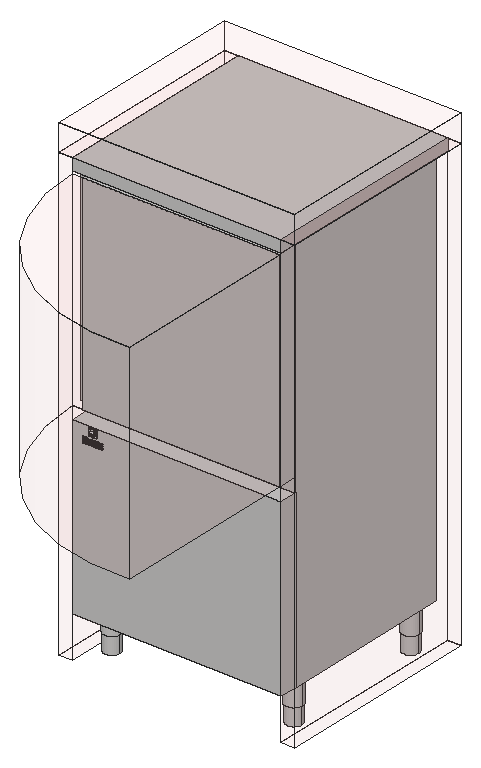
Revit family "QF_ELECTROLUXPROFESSIONAL_725216_ECBCFA040SB", category Attrezzature speciali, Revit 2018
Family settings
  Quota connettore circolare = Usa diametro
  Tipo di parte = Normale
  Basato su piano di lavoro = No
  Sempre verticale = Sì
  Taglio con vuoti quando caricato = No
  Condiviso = No
  Punto di calcolo locali = No
Parameters (values of type "Standard")
  Weight = 140.00 kg
  Watts = 2400 W
  Volts = 220 V
  URL Manufacturer = "https://www.electroluxprofessional.com/"
  URL = "https://www.electroluxprofessional.com/"
  Steam Supply Size = 0 mm
  Steam Supply Minimum Pressure = 0.0 Pa
  Steam Supply Maximum Pressure = 0.0 Pa
  Steam Consumption per Hour = 0
  Show Logo [instance] = yes
  Show Clearance [instance] = yes
  Refrigeration Suction Line Size = 0 mm
  Refrigeration Liquid Line Size = 0 mm
  Refrigerant Compressor Remote = yes
  Produttore = "Electrolux Professional"
  Phase = 3
  Modello = "ECBCFA040SB"
  Length Actual = 762 mm  # constant formula
  Item Number = "725216"
  Hot Water Size = 0 mm
  Height Actual = 1644 mm  # constant formula
  HP = "3.2 HP"
  Gas Size = 0 mm
  Gas KW = 0
  Gas Input Pressure = 0 W
  Direct Waste Size = 0 mm
  Descrizione = "BLAST CHILLER/FREEZER CW 40KG 10 GN 1/1 - R452A - 60HZ"
  Depth Actual = 760 mm  # constant formula
  Cycle = 50 Hz
  Condensate Return Size = 0 mm
  Compressed Air Volume = 0.0 L/s
  Compressed Air Size = 0 mm
  Compressed Air Pressure = 0.0 Pa
  Cold Water Size = 0 mm
  Accessory = yes
Types (2, lengths in mm): name | URL | Produttore | Phase | Modello | Descrizione
  (no name) | 0 | 0 | 0 | 0 | 0
  Standard | "https://www.electroluxprofessional.com/" | "Electrolux Professional" | 3 | "ECBCFA040SB" | "BLAST CHILLER/FREEZER CW 40KG 10 GN 1/1 - R452A - 60HZ"
Values of the unnamed type that differ from the named types
  Weight = 0.00 kg
  Watts = 0 W
  Volts = 0 V
  URL Manufacturer = ""
  Item Number = ""
  HP = ""
  Cycle = 0 Hz
Reference planes
  plane 1 "Center X": y = 167.851
  plane 2: z = 0
  plane 3 "Center Y": x = -378
  plane 4 "LEFT": x = -759
  plane 5 "BACK": y = 547.851
  plane 6 "RIGHT": x = 3
  plane 7 "FRONT": y = -212.149
  plane 8: z = 153
  plane 9 "TOP": z = 1644
  plane 10: x = -710
  plane 11: y = 439.851
  plane 12: x = -46
  plane 13: y = -52.149
  plane 14: y = 495.851
  plane 15: z = 1604
  plane 16: y = -902.149
Forms (mm)
  Extrusion 1, solid, material "QF_Finishes_Stainless Steel"
    sketch origin (0, 0, 1644) x (-1, 0, 0) y (0, -1, 0)
      loop
        line (759, -495.851) -> (759, 147.149) -> (-3, 147.149) -> (-3, -495.851) -> (759, -495.851)
    from -40 to -1491
  Extrusion 2, solid, material "QF_Finishes_Stainless Steel"
    sketch origin (-499.727, 495.851, 1589) x (1, 0, 0) y (0, 0, -1)
      loop
        circle (121.727, 1386) r 10.5
    from 0 to 10
  Extrusion 3, solid, material "QF_Finishes_Stainless Steel"
    sketch origin (-1206.916, -1524, 153) x (-1, 0, 0) y (0, -1, 0)
      loop
        line (-447.916, -1311.851) -> (-1209.916, -1311.851) -> (-1209.916, -1376.851) -> (-447.916, -1376.851) -> (-447.916, -1311.851)
    from 635.577 to 0
  Extrusion 4, solid, material "QF_Finishes_Stainless Steel"
    sketch origin (-1225.916, -1561, 130) x (0, -1, 0) y (-1, 0, 0)
      loop
        circle (-1673.851, -847.916) r 9.5
    from 30 to 40
  Extrusion 5, solid, material "QF_Finishes_Stainless Steel"
    sketch origin (-623, 0, 1060.038) x (1, 0, 0) y (0, 1, 0)
      loop
        line (620, -212.149) -> (620, -147.149) -> (-136, -147.149) -> (-136, -212.149) -> (620, -212.149)
    from 534.886 to -224.114
  Extrusion 6, solid, material "QF_Finishes_Stainless Steel"
    sketch origin (-1206.916, -1524, 1624) x (-1, 0, 0) y (0, -1, 0)
      loop
        line (-447.916, -2071.851) -> (-447.916, -1311.851) -> (-1209.916, -1311.851) -> (-1209.916, -2071.851) -> (-447.916, -2071.851)
    from 20 to -20
  Extrusion 7, solid, material "QF_Clearance", visible <- "Show Clearance"
    sketch origin (0, 0, 0) x (1, 0, 0) y (0, 1, 0)
      loop
        line (-759, 547.851) -> (-809, 547.851) -> (-809, -212.149) -> (-759, -212.149) -> (-759, 547.851)
      loop
        line (53, 547.851) -> (3, 547.851) -> (3, -212.149) -> (53, -212.149) -> (53, 547.851)
    from 0 to 1644
  Extrusion 8, solid, material "QF_Clearance", visible <- "Show Clearance"
    sketch origin (0, 0, 0) x (1, 0, 0) y (0, 1, 0)
      loop
        line (-809, 547.851) -> (-809, -212.149) -> (53, -212.149) -> (53, 547.851) -> (-809, 547.851)
    from 1644 to 1744
  Extrusion 9, solid, material "QF_Clearance", visible <- "Show Clearance"
    sketch origin (0, 0, 0) x (1, 0, 0) y (0, 1, 0)
      loop
        line (3, -902.149) -> (3, -212.149) -> (-759, -212.149)
        arc (-759, -212.149) -> (-529.072, -723.985) -> (3, -902.149) r 699.429
    from 835.924 to 1594.924
  Extrusion 10, void
    sketch origin (0, 0, 0) x (1, 0, 0) y (0, 1, 0)
      loop
        line (-759, -212.149) -> (-719, -212.149) -> (-719, -172.149) -> (-759, -172.149) -> (-759, -212.149)
    from 835.924 to 1594.924
Cuts and joins
  joined: Extrusion 1, Extrusion 2, Extrusion 4
  Extrusion 10 cuts Extrusion 3
  Extrusion 10 cuts Extrusion 7
  Extrusion 10 cuts Extrusion 5
Lines and regions (mm)
  Split face 1
    outline origin (3, -212.149, 153) x (-1, 0, 0) y (0, 0, -1)
      loop
        line (762, -571.811) -> (562, -571.811) -> (537.858, -547.669) -> (224.142, -547.669) -> (200, -571.811) -> (0, -571.811)
  Split face 2
    outline origin (3, -212.149, 153) x (-1, 0, 0) y (0, 0, -1)
      loop
        line (762, -529.311) -> (0, -529.311)
  Split face 3
    outline origin (3, -212.149, 153) x (-1, 0, 0) y (0, 0, -1)
      loop
        line (408.5, -620.809) -> (408.5, -605.809) -> (353.5, -605.809) -> (353.5, -620.809) -> (408.5, -620.809)
  Split face 4
    outline origin (3, -212.149, 128) x (-1, 0, 0) y (0, 0, -1)
      loop
        line (408.5, -620.809) -> (408.5, -605.809) -> (353.5, -605.809) -> (353.5, -620.809) -> (408.5, -620.809)
  symbolic lines
    curve 1: line (-759, 547.851, 1644) -> (3, 547.851, 1644)
    curve 2: line (-759, -212.149, 1644) -> (-759, 547.851, 1644)
    curve 3: line (3, 547.851, 1644) -> (3, -212.149, 1644)
    curve 4: line (3, -212.149, 0) -> (-759, -212.149, 0)
  symbolic lines, style "QF_Clearances"
    curve 5: line (-809, 547.851, 0) -> (-809, -212.149, 0)
    curve 6: line (-809, -212.149, 0) -> (-759, -212.149, 0)
    curve 7: line (53, 547.851, 0) -> (3, 547.851, 0)
    curve 8: line (53, 547.851, 0) -> (53, -212.149, 0)
    curve 9: line (-759, 547.851, 0) -> (-809, 547.851, 0)
    curve 10: line (3, -212.149, 0) -> (53, -212.149, 0)
  symbolic lines, style "QF_Door-Drawer Clearances"
    curve 11: arc (-759, -212.149, 0) -> (-529.072, -723.985, 0) -> (3, -902.149, 0) r 699.429
    curve 12: line (3, -902.149, 0) -> (3, -212.149, 0)
Dimensions and locks
  equal spacing: plane 4 "LEFT", plane 3 "Center Y", plane 6 "RIGHT"
  plane 4 "LEFT" to plane 6 "RIGHT" = 762 mm
  plane 5 "BACK" to plane 7 "FRONT" = 760 mm
  equal spacing: plane 5 "BACK", plane 1 "Center X", plane 7 "FRONT"
  cut or joined group of Extrusion 1, Extrusion 2, Extrusion 4 to Extrusion 2 sketch curve = 381 mm
  level to Extrusion 2 sketch curve = 203 mm
  plane 5 "BACK" to Extrusion 4 sketch curve = 435 mm
  plane 4 "LEFT" to Extrusion 4 sketch curve = 381 mm
  Extrusion 2 sketch curve to plane 4 "LEFT" = 381 mm
  plane 9 "TOP" to plane 2 = 1644 mm
  locked: plane 9 "TOP" to plane 15 at 40
  plane 8 to level = 153 mm
  plane 6 "RIGHT" to plane 12 = 49 mm
  plane 5 "BACK" to plane 14 = 52 mm
  plane 5 "BACK" to plane 16 = 1450 mm
  aligned and locked: level to plane 2
  aligned and locked: plane 12 to nested 3
  aligned and locked: plane 12 to nested 2
  aligned and locked: nested 4 to plane 11
  aligned and locked: nested 3 to plane 11
  aligned and locked: Extrusion 1 to plane 4 "LEFT"
  aligned and locked: plane 6 "RIGHT" to Extrusion 1
  aligned and locked: plane 14 to Extrusion 1
  aligned and locked: Extrusion 8 sketch curve to Extrusion 7  (x4)
  aligned and locked: Extrusion 8 to plane 9 "TOP"
  aligned and locked: Extrusion 6 to plane 15
  aligned and locked: plane 9 "TOP" to Extrusion 6
  aligned and locked: plane 15 to cut or joined group of Extrusion 1, Extrusion 2, Extrusion 4
  aligned and locked: Extrusion 1 to plane 8
  aligned and locked: plane 9 "TOP" to Extrusion 7
Automatic sketch dimensions
  Extrusion 1 sketch curve to plane 6 "RIGHT" = 0 mm
  Extrusion 1 sketch curve to plane 4 "LEFT" = 0 mm
  Extrusion 1 sketch curve to plane 14 = 0 mm
  plane 7 "FRONT" to Extrusion 1 sketch curve = 65 mm
  curve 1 to plane 5 "BACK" = 0 mm
  curve 1 to plane 6 "RIGHT" = 0 mm
  curve 2 to plane 4 "LEFT" = 0 mm
  curve 3 to plane 7 "FRONT" = 0 mm
  curve 2 to plane 7 "FRONT" = 0 mm
  Extrusion 3 sketch curve to plane 6 "RIGHT" = 0 mm
  Extrusion 3 sketch curve to plane 4 "LEFT" = 0 mm
  Extrusion 3 sketch curve to plane 7 "FRONT" = 0 mm
  Extrusion 3 sketch curve to Extrusion 3 sketch curve = 65 mm
  Extrusion 5 sketch curve to plane 7 "FRONT" = 0 mm
  Extrusion 5 sketch curve to plane 10 = 49 mm
  Extrusion 5 sketch curve to plane 6 "RIGHT" = 6 mm
  Extrusion 5 sketch curve to Extrusion 5 sketch curve = 65 mm
  Extrusion 6 sketch curve to plane 5 "BACK" = 0 mm
  Extrusion 6 sketch curve to plane 6 "RIGHT" = 0 mm
  Extrusion 6 sketch curve to plane 4 "LEFT" = 0 mm
  Extrusion 6 sketch curve to plane 7 "FRONT" = 0 mm
  Split face 1 sketch curve to Extrusion 3 = 0 mm
  Extrusion 3 to Split face 1 sketch curve = 0 mm
  Split face 1 sketch curve to Extrusion 3 = 63.766 mm
  Split face 1 sketch curve to Extrusion 3 = 200 mm
  Split face 1 sketch curve to Split face 1 sketch curve = 24.142 mm  (x3)
  Split face 1 sketch curve to Extrusion 3 = 87.908 mm
  Split face 1 sketch curve to Extrusion 3 = 224.142 mm
  Split face 2 sketch curve to Extrusion 3 = 0 mm
  Extrusion 3 to Split face 2 sketch curve = 0 mm
  Split face 2 sketch curve to Extrusion 3 = 106.266 mm
  Split face 3 sketch curve to Extrusion 3 = 14.768 mm
  Split face 3 sketch curve to Extrusion 3 = 353.5 mm
  Split face 3 sketch curve to Split face 3 sketch curve = 55 mm
  Split face 3 sketch curve to Split face 3 sketch curve = 15 mm
  Split face 4 sketch curve to Extrusion 3 = 39.768 mm
  Split face 4 sketch curve to Extrusion 3 = 353.5 mm
  Split face 4 sketch curve to Split face 4 sketch curve = 55 mm
  Split face 4 sketch curve to Split face 4 sketch curve = 15 mm
  Extrusion 7 sketch curve to plane 7 "FRONT" = 0 mm  (x2)
  Extrusion 7 sketch curve to plane 5 "BACK" = 0 mm  (x2)
  Extrusion 7 sketch curve to plane 4 "LEFT" = 0 mm
  Extrusion 7 sketch curve to plane 6 "RIGHT" = 0 mm
  Extrusion 7 sketch curve to Extrusion 7 sketch curve = 50 mm
  plane 6 "RIGHT" to Extrusion 7 sketch curve = 50 mm
  curve 9 to plane 5 "BACK" = 0 mm
  curve 5 to plane 7 "FRONT" = 0 mm
  curve 6 to plane 4 "LEFT" = 0 mm
  curve 9 to plane 4 "LEFT" = 0 mm
  curve 11 to plane 6 "RIGHT" = 0 mm
  curve 7 to plane 5 "BACK" = 0 mm
  curve 7 to plane 6 "RIGHT" = 0 mm
  curve 12 to plane 16 = 0 mm
  curve 6 to curve 11 = 50 mm
  plane 7 "FRONT" to curve 11 = 6.622 mm
  plane 6 "RIGHT" to curve 8 = 50 mm
  Extrusion 9 sketch curve to plane 4 "LEFT" = 0 mm
  Extrusion 9 sketch curve to plane 6 "RIGHT" = 0 mm
  Extrusion 9 sketch curve to plane 16 = 0 mm
  Extrusion 9 sketch curve to plane 7 "FRONT" = 0 mm
  plane 7 "FRONT" to Extrusion 9 sketch curve = 6.622 mm
  Extrusion 10 sketch curve to plane 4 "LEFT" = 0 mm
  Extrusion 10 sketch curve to plane 7 "FRONT" = 0 mm
  Extrusion 10 sketch curve to plane 10 = 9 mm
  Extrusion 10 sketch curve to Extrusion 10 sketch curve = 40 mm
  radius of Extrusion 2 sketch curve = 10.5 mm
  radius of Extrusion 4 sketch curve = 9.5 mm
Nested families
  nested 1: "Foot_Complete" at (-710, -92.149, 0), type "Foot_Complete"
    with H 153 mm
  nested 2: "Foot_Complete" at (-46, -92.149, 0), type "Foot_Complete"
    with H 153 mm
  nested 3: "Foot_Complete" at (-46, 439.851, 0), type "Foot_Complete"
    with H 153 mm
  nested 4: "Foot_Complete" at (-710, 439.851, 0), type "Foot_Complete"
    with H 153 mm
  nested 5: "ELX_Pro_Logo" at (-683, -212.149, 754.674) x (1, 0, 0) z (0, -1, 0), type "ELX_Pro_Logo"
Connectors
  electrical at (-378, 505.851, 203), driven by "Volts"
    settings: on Extrusion 2, index 5, voltage 220 V, apparent load 0 VA, apparent load phase1 0 VA, apparent load phase2 0 VA, apparent load phase3 0 VA, power factor 1, load classification "Altro", number of poles 1, system type 30, power factor state 1, is connector primary yes, connector utility no, sub classification motor no, connector description "Electrical Connection"
  piping at (-378, 112.851, 90), diameter 19
    settings: on cut or joined group of Extrusion 1, Extrusion 2, Extrusion 4, index 6, connector inside diameter 609.6 mm, connector length 0 mm, flow factor 0, pipe flow 0.0 L/s, pressure drop 0.0 Pa, fitting loss kfactor 0, connector angle 0.00°, fixture units 0, engagement length 0 mm, angle of deflection 0.00°, flow configuration 1, flow direction 2, fitting loss method 0, system type 16, joint type 0, gender type 0, connector reference index -1, connector utility 0, adjustable connector no, is connector primary yes, connector description "Drain"
Definition of nested family "Foot_Complete"
  Parameters
    R = 32 mm
    H = 150 mm
  Reference planes
    plane 1 "Centro (Fronte/Retro)": y = 0
    plane 2: z = 0
    plane 3 "Centro (Sinistra/Destra)": x = 0
    plane 4: z = 150
  Forms (mm)
    Revolve 1, solid
      sketch origin (255.05, 0, 608.09) x (0, 0, 1) y (-1, 0, 0)
        loop
          line (-608.09, 255.05) -> (-608.09, 226.55) -> (-544.09, 226.55) -> (-544.09, 223.05) -> (-458.09, 223.05) -> (-458.09, 255.05) -> (-608.09, 255.05)
        axis (-608.09, 255.05) -> (-458.09, 255.05)
      angle from 0 to 360
  Dimensions and locks
    locked: level to Revolve 1 sketch curve at 64
    "R": Revolve 1 sketch curve to plane 3 "Centro (Sinistra/Destra)"
    "H": plane 4 to level
    aligned and locked: level to plane 2
    aligned and locked: plane 4 to Revolve 1 sketch curve
    aligned and locked: Revolve 1 sketch curve to level
    aligned and locked: plane 3 "Centro (Sinistra/Destra)" to Revolve 1 sketch curve
  Automatic sketch dimensions
    Revolve 1 sketch curve to plane 3 "Centro (Sinistra/Destra)" = 0 mm
    plane 3 "Centro (Sinistra/Destra)" to Revolve 1 sketch curve = 28.5 mm
    Revolve 1 sketch curve to Revolve 1 sketch curve = 50 mm
    Revolve 1 sketch curve to Revolve 1 sketch curve = 20 mm
Definition of nested family "ELX_Pro_Logo"
  Parameters (values of type "ELX_Pro_Logo")
    M = none
    Default Elevation = 0 mm
  Reference planes
    plane 1 "Centro (Fronte/Retro)": y = 0
    plane 2: z = 0
    plane 3 "Centro (Sinistra/Destra)": x = 0
  Forms (mm)
    Extrusion 1, solid
      sketch origin (0, 0, 0) x (1, 0, 0) y (0, 1, 0)
        loop
          line (-1219.2, 1219.2) -> (-1219.2, -1219.2) -> (1219.2, -1219.2) -> (1219.2, 1219.2) -> (-1219.2, 1219.2)
      from 0 to -304.8
    Extrusion 2, solid, material <- "M"
      sketch origin (-144.622, -1081.55, 0) x (-1, 0, 0) y (0, -1, 0)
        loop
          line (-111.329, -1069.559) -> (-111.329, -1071.073) -> (-116.048, -1071.073) -> (-116.048, -1072.896) -> (-111.328, -1072.896) -> (-111.328, -1075.549) -> (-116.349, -1075.549) -> (-116.349, -1077.368) -> (-109.396, -1077.368) -> (-109.396, -1073.46) -> (-109.396, -1069.659)
          arc (-109.396, -1069.659) -> (-110.425, -1067.175) -> (-112.909, -1066.146) r 3.513
          line (-112.909, -1066.146) -> (-116.483, -1066.146) -> (-116.483, -1067.963) -> (-112.925, -1067.963)
          arc (-112.925, -1067.963) -> (-111.797, -1068.431) -> (-111.329, -1069.559) r 1.596
        loop
          line (-119.79, -1077.358) -> (-117.856, -1077.358) -> (-117.856, -1072.053) -> (-117.856, -1066.132) -> (-119.79, -1066.132) -> (-119.79, -1072.092) -> (-119.79, -1077.358)
        loop
          line (-122.986, -1069.718) -> (-129.327, -1069.718)
          arc (-129.327, -1069.718) -> (-129.219, -1071.449) -> (-128.497, -1073.026) r 4.757
          arc (-128.497, -1073.026) -> (-125.237, -1074.5) -> (-121.978, -1073.026) r 4.34
          arc (-121.978, -1073.026) -> (-121.072, -1070.207) -> (-121.978, -1067.388) r 4.838
          arc (-121.978, -1067.388) -> (-125.393, -1065.933) -> (-128.809, -1067.388) r 4.737
          line (-128.809, -1067.388) -> (-127.645, -1068.52)
          arc (-127.645, -1068.52) -> (-125.509, -1067.576) -> (-123.374, -1068.52) r 2.888
          arc (-123.374, -1068.52) -> (-123.05, -1069.077) -> (-122.986, -1069.718) r 1.527
        loop
          arc (-127.386, -1071.076) -> (-126.67, -1072.331) -> (-125.331, -1072.872) r 2.201
          arc (-125.331, -1072.872) -> (-123.848, -1072.402) -> (-123.033, -1071.076) r 2.23
          line (-123.033, -1071.076) -> (-127.386, -1071.076)
        loop
          line (-136.862, -1071.886) -> (-138.059, -1073.132)
          arc (-138.059, -1073.132) -> (-130.327, -1070.219) -> (-138.059, -1067.306) r 4.415
          line (-138.059, -1067.306) -> (-136.862, -1068.553)
          arc (-136.862, -1068.553) -> (-132.252, -1070.22) -> (-136.862, -1071.886) r 2.606
        loop
          line (-141.192, -1069.673) -> (-141.192, -1072.494) -> (-142.951, -1072.494) -> (-142.951, -1074.25) -> (-141.195, -1074.25) -> (-141.195, -1077.358) -> (-139.262, -1077.358) -> (-139.262, -1073.332) -> (-139.262, -1069.514)
          arc (-139.262, -1069.514) -> (-140.299, -1066.92) -> (-142.98, -1066.132) r 3.196
          line (-142.98, -1066.132) -> (-142.987, -1067.949)
          arc (-142.987, -1067.949) -> (-141.652, -1068.356) -> (-141.192, -1069.673) r 1.542
        loop
          line (-146.494, -1073.042) -> (-146.494, -1074.25) -> (-144.576, -1074.25) -> (-144.576, -1070.271) -> (-144.576, -1066.132) -> (-146.494, -1066.132) -> (-146.494, -1070.401)
          arc (-146.494, -1070.401) -> (-147.446, -1072.228) -> (-149.489, -1072.494) r 2.229
          line (-149.489, -1072.494) -> (-149.489, -1074.362)
          arc (-149.489, -1074.362) -> (-147.761, -1074.226) -> (-146.494, -1073.042) r 2.627
        loop
          line (-159.833, -1072.246) -> (-159.833, -1066.131) -> (-161.767, -1066.131) -> (-161.767, -1072.17) -> (-161.767, -1077.359) -> (-159.833, -1077.359) -> (-159.833, -1072.246)
        loop
          line (-165.194, -1069.514) -> (-165.194, -1074.25) -> (-163.245, -1074.25) -> (-163.245, -1071.898) -> (-163.245, -1069.098)
          arc (-163.245, -1069.098) -> (-166.96, -1065.769) -> (-170.687, -1069.085) r 3.745
          line (-170.687, -1069.085) -> (-170.687, -1071.898) -> (-170.687, -1074.25) -> (-168.739, -1074.25) -> (-168.739, -1069.514)
          arc (-168.739, -1069.514) -> (-166.967, -1067.742) -> (-165.194, -1069.514) r 1.772
        loop
          line (-174.654, -1070.416) -> (-172.975, -1068.078) -> (-171.578, -1066.131) -> (-173.656, -1066.131) -> (-175.717, -1068.999) -> (-177.779, -1066.131) -> (-179.857, -1066.131) -> (-178, -1068.728) -> (-176.781, -1070.433) -> (-178.29, -1072.488) -> (-179.583, -1074.25) -> (-177.473, -1074.25) -> (-175.717, -1071.818) -> (-173.945, -1074.25) -> (-171.852, -1074.25) -> (-173.052, -1072.608) -> (-174.654, -1070.416)
        loop
          circle (-154.223, -1070.188) r 2.508
        loop
          circle (-154.223, -1070.188) r 4.42
        loop
          line (-110.224, -1058.542) -> (-111.194, -1058.542)
          arc (-111.194, -1058.542) -> (-112.217, -1059.95) -> (-110.924, -1061.114) r 1.3
          line (-110.924, -1061.114) -> (-109.424, -1061.114) -> (-109.424, -1057.223) -> (-110.224, -1057.223) -> (-110.224, -1058.542)
        loop
          line (-110.224, -1060.379) -> (-110.224, -1059.293) -> (-111.03, -1059.293)
          arc (-111.03, -1059.293) -> (-111.43, -1059.836) -> (-111.03, -1060.379) r 0.569
          line (-111.03, -1060.379) -> (-110.224, -1060.379)
        loop
          line (-116.302, -1058.564) -> (-117.128, -1058.564) -> (-117.934, -1057.223) -> (-118.841, -1057.223) -> (-117.833, -1058.884)
          arc (-117.833, -1058.884) -> (-118.214, -1060.282) -> (-117.028, -1061.114) r 1.26
          line (-117.028, -1061.114) -> (-115.503, -1061.114) -> (-115.503, -1057.223) -> (-116.302, -1057.223) -> (-116.302, -1058.564)
        loop
          line (-116.302, -1060.379) -> (-116.302, -1059.293) -> (-117.109, -1059.293)
          arc (-117.109, -1059.293) -> (-117.508, -1059.836) -> (-117.109, -1060.379) r 0.569
          line (-117.109, -1060.379) -> (-116.302, -1060.379)
        loop
          line (-128.923, -1057.223) -> (-129.723, -1057.223) -> (-129.723, -1058.714) -> (-131.187, -1058.714) -> (-131.187, -1059.514) -> (-129.723, -1059.514) -> (-129.723, -1060.314) -> (-131.327, -1060.314) -> (-131.327, -1061.114) -> (-128.923, -1061.114) -> (-128.923, -1057.223)
        loop
          arc (-134.628, -1058.469) -> (-134.992, -1057.588) -> (-135.874, -1057.223) r 1.246
          line (-135.874, -1057.223) -> (-137.13, -1057.223) -> (-137.13, -1058.023) -> (-135.969, -1058.023)
          arc (-135.969, -1058.023) -> (-135.53, -1058.237) -> (-135.427, -1058.714) r 0.558
          line (-135.427, -1058.714) -> (-136.984, -1058.714) -> (-136.984, -1059.514) -> (-135.427, -1059.514) -> (-135.427, -1060.314) -> (-137.092, -1060.314) -> (-137.092, -1061.114) -> (-134.628, -1061.114) -> (-134.628, -1058.469)
        loop
          line (-152.3, -1057.223) -> (-153.1, -1057.223) -> (-153.1, -1061.114) -> (-152.3, -1061.114) -> (-152.3, -1057.223)
        loop
          line (-164.67, -1057.223) -> (-164.67, -1059.67) -> (-166.45, -1057.223) -> (-167.25, -1057.223) -> (-167.25, -1061.114) -> (-166.42, -1061.114) -> (-166.42, -1058.594) -> (-164.64, -1061.114) -> (-163.84, -1061.114) -> (-163.84, -1057.223) -> (-164.67, -1057.223)
        loop
          line (-170.403, -1057.223) -> (-171.262, -1057.223) -> (-171.641, -1058.063) -> (-173.08, -1058.063) -> (-173.459, -1057.223) -> (-174.317, -1057.223) -> (-172.796, -1061.113) -> (-171.996, -1061.113) -> (-170.403, -1057.223)
        loop
          line (-177.493, -1057.223) -> (-179.789, -1057.223) -> (-179.789, -1058.023) -> (-178.293, -1058.023) -> (-178.293, -1061.114) -> (-177.493, -1061.114) -> (-177.493, -1057.223)
        loop
          line (-172.362, -1059.848) -> (-171.945, -1058.83) -> (-172.76, -1058.83) -> (-172.362, -1059.848)
        loop
          circle (-158.484, -1059.145) r 1.288
        loop
          circle (-158.484, -1059.145) r 2.065
        loop
          arc (-146.04, -1058.095) -> (-146.933, -1057.275) -> (-148.145, -1057.245) r 1.725
          arc (-148.145, -1057.245) -> (-148.965, -1058.02) -> (-148.68, -1059.111) r 1.107
          arc (-148.68, -1059.111) -> (-148.103, -1059.465) -> (-147.486, -1059.746) r 5.523
          arc (-147.486, -1059.746) -> (-147.147, -1060.262) -> (-147.708, -1060.52) r 0.407
          arc (-147.708, -1060.52) -> (-148.045, -1060.315) -> (-148.325, -1060.038) r 1.702
          line (-148.325, -1060.038) -> (-149.011, -1060.45)
          arc (-149.011, -1060.45) -> (-148.578, -1060.911) -> (-148.043, -1061.247) r 2.463
          arc (-148.043, -1061.247) -> (-146.373, -1060.466) -> (-147.42, -1058.949) r 1.207
          spline (-147.42, -1058.949) -> (-147.716, -1058.809) -> (-147.932, -1058.678) -> (-148.077, -1058.557) -> (-148.163, -1058.446) -> (-148.198, -1058.347) -> (-148.192, -1058.258) -> (-148.157, -1058.182) -> (-148.102, -1058.118) -> (-148.037, -1058.068) -> (-147.972, -1058.031) -> (-147.917, -1058.008) -> (-147.883, -1058)
          arc (-147.883, -1058) -> (-147.238, -1058.014) -> (-146.759, -1058.446) r 0.925
          line (-146.759, -1058.446) -> (-146.04, -1058.095)
        loop
          arc (-140.18, -1058.095) -> (-141.073, -1057.275) -> (-142.285, -1057.245) r 1.725
          arc (-142.285, -1057.245) -> (-143.106, -1058.02) -> (-142.821, -1059.111) r 1.107
          arc (-142.821, -1059.111) -> (-142.243, -1059.465) -> (-141.627, -1059.746) r 5.523
          arc (-141.627, -1059.746) -> (-141.287, -1060.262) -> (-141.849, -1060.52) r 0.407
          arc (-141.849, -1060.52) -> (-142.185, -1060.315) -> (-142.466, -1060.038) r 1.702
          line (-142.466, -1060.038) -> (-143.151, -1060.45)
          arc (-143.151, -1060.45) -> (-142.719, -1060.911) -> (-142.183, -1061.247) r 2.463
          arc (-142.183, -1061.247) -> (-140.513, -1060.466) -> (-141.56, -1058.949) r 1.207
          spline (-141.56, -1058.949) -> (-141.856, -1058.809) -> (-142.072, -1058.678) -> (-142.218, -1058.557) -> (-142.303, -1058.446) -> (-142.338, -1058.347) -> (-142.333, -1058.258) -> (-142.298, -1058.182) -> (-142.242, -1058.118) -> (-142.177, -1058.068) -> (-142.112, -1058.031) -> (-142.057, -1058.008) -> (-142.023, -1058)
          arc (-142.023, -1058) -> (-141.378, -1058.014) -> (-140.9, -1058.446) r 0.925
          line (-140.9, -1058.446) -> (-140.18, -1058.095)
        loop
          circle (-123.484, -1059.145) r 1.288
        loop
          circle (-123.484, -1059.145) r 2.065
        loop
          line (-130.225, -1113.361) -> (-130.225, -1084.645) -> (-158.979, -1084.645) -> (-158.979, -1113.361) -> (-130.225, -1113.361)
        loop
          arc (-148.442, -1086.055) -> (-157.992, -1098.973) -> (-148.442, -1111.892) r 13.512
          line (-148.442, -1111.892) -> (-148.442, -1086.055)
        loop
          line (-147.127, -1086.055) -> (-147.127, -1087.926)
          arc (-147.127, -1087.926) -> (-143.116, -1095.125) -> (-135.48, -1098.224) r 12.412
          line (-135.48, -1098.224) -> (-131.205, -1098.224)
          arc (-131.205, -1098.224) -> (-136.382, -1088.497) -> (-147.127, -1086.055) r 13.242
        loop
          line (-147.127, -1110.021) -> (-147.127, -1112.224)
          arc (-147.127, -1112.224) -> (-136.374, -1109.53) -> (-131.205, -1099.722) r 13.588
          line (-131.205, -1099.722) -> (-135.48, -1099.722)
          arc (-135.48, -1099.722) -> (-143.116, -1102.822) -> (-147.127, -1110.021) r 12.412
      from 0 to 1.6
  Lines and regions (mm)
    symbolic lines
      curve 1: line (-14.357, 31.811, 0) -> (14.357, 31.811, 0)
      curve 2: line (-14.357, 3.095, 0) -> (-14.357, 31.811, 0)
      curve 3: line (14.357, 3.095, 0) -> (-14.357, 3.095, 0)
      curve 4: line (14.357, 31.811, 0) -> (14.357, 3.095, 0)
      curve 5: line (-8.32, 7.722, 0) -> (-9.387, 8.738, 0)
      curve 6: line (-9.387, 8.738, 0) -> (-10.331, 9.866, 0)
      curve 7: line (-10.331, 9.866, 0) -> (-11.141, 11.095, 0)
      curve 8: line (-11.141, 11.095, 0) -> (-11.805, 12.411, 0)
      curve 9: line (-11.805, 12.411, 0) -> (-12.31, 13.803, 0)
      curve 10: line (-12.31, 13.803, 0) -> (-12.646, 15.26, 0)
      curve 11: line (-12.646, 15.26, 0) -> (-12.8, 16.77, 0)
      curve 12: line (-12.8, 16.77, 0) -> (-10.081, 16.77, 0)
      curve 13: line (-10.081, 16.77, 0) -> (-8.466, 16.661, 0)
      curve 14: line (-8.466, 16.661, 0) -> (-6.88, 16.344, 0)
      curve 15: line (-6.88, 16.344, 0) -> (-5.345, 15.833, 0)
      curve 16: line (-5.345, 15.833, 0) -> (-3.882, 15.143, 0)
      curve 17: line (-3.882, 15.143, 0) -> (-2.511, 14.288, 0)
      curve 18: line (-2.511, 14.288, 0) -> (-1.255, 13.283, 0)
      curve 19: line (-1.255, 13.283, 0) -> (-0.135, 12.143, 0)
      curve 20: line (-0.135, 12.143, 0) -> (0.83, 10.882, 0)
      curve 21: line (0.83, 10.882, 0) -> (1.616, 9.515, 0)
      curve 22: arc (1.616, 9.515, 0) -> (2.419, 7.28, 0) -> (2.7, 4.923, 0) r 10.532
      curve 23: arc (2.7, 4.923, 0) -> (1.362, 4.715, 0) -> (0.011, 4.633, 0) r 14.39
      curve 24: line (0.011, 4.633, 0) -> (-1.56, 4.731, 0)
      curve 25: line (-1.56, 4.731, 0) -> (-3.062, 5.011, 0)
      curve 26: line (-3.062, 5.011, 0) -> (-4.502, 5.462, 0)
      curve 27: line (-4.502, 5.462, 0) -> (-5.866, 6.072, 0)
      curve 28: line (-5.866, 6.072, 0) -> (-7.142, 6.829, 0)
      curve 29: line (-7.142, 6.829, 0) -> (-8.32, 7.722, 0)
      curve 30: line (-10.802, 24.24, 0) -> (-9.872, 25.531, 0)
      curve 31: line (-9.872, 25.531, 0) -> (-8.796, 26.699, 0)
      curve 32: line (-8.796, 26.699, 0) -> (-7.587, 27.728, 0)
      curve 33: line (-7.587, 27.728, 0) -> (-6.258, 28.602, 0)
      curve 34: line (-6.258, 28.602, 0) -> (-4.823, 29.309, 0)
      curve 35: line (-4.823, 29.309, 0) -> (-3.293, 29.832, 0)
      curve 36: line (-3.293, 29.832, 0) -> (-1.683, 30.156, 0)
      curve 37: arc (-1.683, 30.156, 0) -> (0.517, 30.256, 0) -> (2.702, 29.984, 0) r 13.008
      curve 38: arc (2.702, 29.984, 0) -> (2.453, 27.616, 0) -> (1.617, 25.387, 0) r 9.395
      curve 39: line (1.617, 25.387, 0) -> (0.83, 24.018, 0)
      curve 40: line (0.83, 24.018, 0) -> (-0.134, 22.756, 0)
      curve 41: line (-0.134, 22.756, 0) -> (-1.255, 21.615, 0)
      curve 42: line (-1.255, 21.615, 0) -> (-2.512, 20.609, 0)
      curve 43: line (-2.512, 20.609, 0) -> (-3.882, 19.754, 0)
      curve 44: line (-3.882, 19.754, 0) -> (-5.346, 19.063, 0)
      curve 45: line (-5.346, 19.063, 0) -> (-6.881, 18.551, 0)
      curve 46: line (-6.881, 18.551, 0) -> (-8.467, 18.234, 0)
      curve 47: line (-8.467, 18.234, 0) -> (-10.083, 18.125, 0)
      curve 48: line (-10.083, 18.125, 0) -> (-12.798, 18.125, 0)
      curve 49: line (-12.798, 18.125, 0) -> (-12.584, 19.768, 0)
      curve 50: line (-12.584, 19.768, 0) -> (-12.171, 21.343, 0)
      curve 51: line (-12.171, 21.343, 0) -> (-11.572, 22.839, 0)
      curve 52: line (-11.572, 22.839, 0) -> (-10.802, 24.24, 0)
      curve 53: line (4.048, 5.294, 0) -> (4.048, 29.617, 0)
      curve 54: line (4.048, 29.617, 0) -> (5.525, 29.026, 0)
      curve 55: line (5.525, 29.026, 0) -> (6.905, 28.26, 0)
      curve 56: line (6.905, 28.26, 0) -> (8.174, 27.332, 0)
      curve 57: line (8.174, 27.332, 0) -> (9.318, 26.256, 0)
      curve 58: line (9.318, 26.256, 0) -> (10.323, 25.046, 0)
      curve 59: line (10.323, 25.046, 0) -> (11.177, 23.715, 0)
      curve 60: line (11.177, 23.715, 0) -> (11.865, 22.277, 0)
      curve 61: line (11.865, 22.277, 0) -> (12.375, 20.746, 0)
      curve 62: line (12.375, 20.746, 0) -> (12.693, 19.135, 0)
      curve 63: line (12.693, 19.135, 0) -> (12.804, 17.459, 0)
      curve 64: line (12.804, 17.459, 0) -> (12.702, 15.807, 0)
      curve 65: line (12.702, 15.807, 0) -> (12.396, 14.216, 0)
      curve 66: line (12.396, 14.216, 0) -> (11.897, 12.7, 0)
      curve 67: line (11.897, 12.7, 0) -> (11.218, 11.271, 0)
      curve 68: line (11.218, 11.271, 0) -> (10.372, 9.944, 0)
      curve 69: line (10.372, 9.944, 0) -> (9.37, 8.731, 0)
      curve 70: line (9.37, 8.731, 0) -> (8.224, 7.646, 0)
      curve 71: line (8.224, 7.646, 0) -> (6.947, 6.703, 0)
      curve 72: line (6.947, 6.703, 0) -> (5.551, 5.914, 0)
      curve 73: line (5.551, 5.914, 0) -> (4.048, 5.294, 0)
      curve 74: line (-35.227, -8.09, 0) -> (-35.227, -11.891, 0)
      curve 75: arc (-35.227, -11.891, 0) -> (-34.198, -14.375, 0) -> (-31.714, -15.404, 0) r 3.513
      curve 76: line (-31.714, -15.404, 0) -> (-28.139, -15.404, 0)
      curve 77: line (-28.139, -15.404, 0) -> (-28.139, -13.587, 0)
      curve 78: line (-28.139, -13.587, 0) -> (-31.697, -13.587, 0)
      curve 79: arc (-31.697, -13.587, 0) -> (-32.826, -13.119, 0) -> (-33.293, -11.991, 0) r 1.596
      curve 80: line (-33.293, -11.991, 0) -> (-33.293, -10.477, 0)
      curve 81: line (-33.293, -10.477, 0) -> (-28.574, -10.477, 0)
      curve 82: line (-28.574, -10.477, 0) -> (-28.574, -8.654, 0)
      curve 83: line (-28.574, -8.654, 0) -> (-33.294, -8.654, 0)
      curve 84: line (-33.294, -8.654, 0) -> (-33.294, -6.001, 0)
      curve 85: line (-33.294, -6.001, 0) -> (-28.273, -6.001, 0)
      curve 86: line (-28.273, -6.001, 0) -> (-28.273, -4.182, 0)
      curve 87: line (-28.273, -4.182, 0) -> (-35.227, -4.182, 0)
      curve 88: line (-35.227, -4.182, 0) -> (-35.227, -8.09, 0)
      curve 89: line (-24.833, -9.458, 0) -> (-24.833, -4.192, 0)
      curve 90: line (-24.833, -4.192, 0) -> (-26.766, -4.192, 0)
      curve 91: line (-26.766, -4.192, 0) -> (-26.766, -9.497, 0)
      curve 92: line (-26.766, -9.497, 0) -> (-26.766, -15.418, 0)
      curve 93: line (-26.766, -15.418, 0) -> (-24.833, -15.418, 0)
      curve 94: line (-24.833, -15.418, 0) -> (-24.833, -9.458, 0)
      curve 95: arc (-16.125, -8.524, 0) -> (-19.385, -7.05, 0) -> (-22.645, -8.524, 0) r 4.34
      curve 96: arc (-22.645, -8.524, 0) -> (-23.551, -11.343, 0) -> (-22.645, -14.162, 0) r 4.838
      curve 97: arc (-22.645, -14.162, 0) -> (-19.229, -15.617, 0) -> (-15.813, -14.162, 0) r 4.737
      curve 98: line (-15.813, -14.162, 0) -> (-16.978, -13.03, 0)
      curve 99: arc (-16.978, -13.03, 0) -> (-19.113, -13.974, 0) -> (-21.249, -13.03, 0) r 2.888
      curve 100: arc (-21.249, -13.03, 0) -> (-21.572, -12.473, 0) -> (-21.637, -11.832, 0) r 1.527
      curve 101: line (-21.637, -11.832, 0) -> (-15.295, -11.832, 0)
      curve 102: arc (-15.295, -11.832, 0) -> (-15.404, -10.101, 0) -> (-16.125, -8.524, 0) r 4.757
      curve 103: line (-17.236, -10.474, 0) -> (-21.589, -10.474, 0)
      curve 104: arc (-21.589, -10.474, 0) -> (-20.774, -9.148, 0) -> (-19.291, -8.678, 0) r 2.23
      curve 105: arc (-19.291, -8.678, 0) -> (-17.952, -9.219, 0) -> (-17.236, -10.474, 0) r 2.201
      curve 106: arc (-6.563, -8.418, 0) -> (-14.295, -11.331, 0) -> (-6.563, -14.244, 0) r 4.415
      curve 107: line (-6.563, -14.244, 0) -> (-7.761, -12.997, 0)
      curve 108: arc (-7.761, -12.997, 0) -> (-12.371, -11.33, 0) -> (-7.761, -9.664, 0) r 2.606
      curve 109: line (-7.761, -9.664, 0) -> (-6.563, -8.418, 0)
      curve 110: line (-5.361, -4.192, 0) -> (-5.361, -8.218, 0)
      curve 111: line (-5.361, -8.218, 0) -> (-5.361, -12.036, 0)
      curve 112: arc (-5.361, -12.036, 0) -> (-4.323, -14.63, 0) -> (-1.642, -15.418, 0) r 3.196
      curve 113: line (-1.642, -15.418, 0) -> (-1.636, -13.601, 0)
      curve 114: arc (-1.636, -13.601, 0) -> (-2.97, -13.194, 0) -> (-3.43, -11.877, 0) r 1.542
      curve 115: line (-3.43, -11.877, 0) -> (-3.43, -9.056, 0)
      curve 116: line (-3.43, -9.056, 0) -> (-1.672, -9.056, 0)
      curve 117: line (-1.672, -9.056, 0) -> (-1.672, -7.299, 0)
      curve 118: line (-1.672, -7.299, 0) -> (-3.427, -7.299, 0)
      curve 119: line (-3.427, -7.299, 0) -> (-3.427, -4.192, 0)
      curve 120: line (-3.427, -4.192, 0) -> (-5.361, -4.192, 0)
      curve 121: line (1.872, -7.3, 0) -> (-0.046, -7.3, 0)
      curve 122: line (-0.046, -7.3, 0) -> (-0.046, -11.279, 0)
      curve 123: line (-0.046, -11.279, 0) -> (-0.046, -15.418, 0)
      curve 124: line (-0.046, -15.418, 0) -> (1.872, -15.418, 0)
      curve 125: line (1.872, -15.418, 0) -> (1.872, -11.149, 0)
      curve 126: arc (1.872, -11.149, 0) -> (2.824, -9.322, 0) -> (4.867, -9.056, 0) r 2.229
      curve 127: line (4.867, -9.056, 0) -> (4.867, -7.188, 0)
      curve 128: arc (4.867, -7.188, 0) -> (3.138, -7.324, 0) -> (1.872, -8.508, 0) r 2.627
      curve 129: line (1.872, -8.508, 0) -> (1.872, -7.3, 0)
      curve 130: arc (7.092, -11.362, 0) -> (9.601, -8.854, 0) -> (12.109, -11.362, 0) r 2.508
      curve 131: arc (12.109, -11.362, 0) -> (9.601, -13.871, 0) -> (7.092, -11.362, 0) r 2.508
      curve 132: arc (5.18, -11.362, 0) -> (9.601, -15.783, 0) -> (14.021, -11.362, 0) r 4.42
      curve 133: arc (14.021, -11.362, 0) -> (9.601, -6.942, 0) -> (5.18, -11.362, 0) r 4.42
      curve 134: line (15.211, -4.191, 0) -> (15.211, -9.304, 0)
      curve 135: line (15.211, -9.304, 0) -> (15.211, -15.419, 0)
      curve 136: line (15.211, -15.419, 0) -> (17.145, -15.419, 0)
      curve 137: line (17.145, -15.419, 0) -> (17.145, -9.38, 0)
      curve 138: line (17.145, -9.38, 0) -> (17.145, -4.191, 0)
      curve 139: line (17.145, -4.191, 0) -> (15.211, -4.191, 0)
      curve 140: line (18.622, -7.299, 0) -> (18.622, -9.652, 0)
      curve 141: line (18.622, -9.652, 0) -> (18.622, -12.452, 0)
      curve 142: arc (18.622, -12.452, 0) -> (22.338, -15.781, 0) -> (26.064, -12.465, 0) r 3.745
      curve 143: line (26.064, -12.465, 0) -> (26.064, -9.652, 0)
      curve 144: line (26.064, -9.652, 0) -> (26.064, -7.299, 0)
      curve 145: line (26.064, -7.299, 0) -> (24.116, -7.299, 0)
      curve 146: line (24.116, -7.299, 0) -> (24.116, -12.036, 0)
      curve 147: arc (24.116, -12.036, 0) -> (22.344, -13.808, 0) -> (20.572, -12.036, 0) r 1.772
      curve 148: line (20.572, -12.036, 0) -> (20.572, -7.299, 0)
      curve 149: line (20.572, -7.299, 0) -> (18.622, -7.299, 0)
      curve 150: line (28.43, -8.942, 0) -> (30.032, -11.134, 0)
      curve 151: line (30.032, -11.134, 0) -> (28.353, -13.472, 0)
      curve 152: line (28.353, -13.472, 0) -> (26.955, -15.419, 0)
      curve 153: line (26.955, -15.419, 0) -> (29.033, -15.419, 0)
      curve 154: line (29.033, -15.419, 0) -> (31.095, -12.551, 0)
      curve 155: line (31.095, -12.551, 0) -> (33.156, -15.419, 0)
      curve 156: line (33.156, -15.419, 0) -> (35.234, -15.419, 0)
      curve 157: line (35.234, -15.419, 0) -> (33.378, -12.822, 0)
      curve 158: line (33.378, -12.822, 0) -> (32.158, -11.117, 0)
      curve 159: line (32.158, -11.117, 0) -> (33.668, -9.062, 0)
      curve 160: line (33.668, -9.062, 0) -> (34.961, -7.3, 0)
      curve 161: line (34.961, -7.3, 0) -> (32.851, -7.3, 0)
      curve 162: line (32.851, -7.3, 0) -> (31.095, -9.732, 0)
      curve 163: line (31.095, -9.732, 0) -> (29.323, -7.3, 0)
      curve 164: line (29.323, -7.3, 0) -> (27.23, -7.3, 0)
      curve 165: line (27.23, -7.3, 0) -> (28.43, -8.942, 0)
      curve 166: line (-35.198, -20.436, 0) -> (-35.198, -24.327, 0)
      curve 167: line (-35.198, -24.327, 0) -> (-34.398, -24.327, 0)
      curve 168: line (-34.398, -24.327, 0) -> (-34.398, -23.008, 0)
      curve 169: line (-34.398, -23.008, 0) -> (-33.428, -23.008, 0)
      curve 170: arc (-33.428, -23.008, 0) -> (-32.405, -21.6, 0) -> (-33.699, -20.436, 0) r 1.3
      curve 171: line (-33.699, -20.436, 0) -> (-35.198, -20.436, 0)
      curve 172: line (-34.398, -22.257, 0) -> (-34.398, -21.171, 0)
      curve 173: line (-34.398, -21.171, 0) -> (-33.592, -21.171, 0)
      curve 174: arc (-33.592, -21.171, 0) -> (-33.192, -21.714, 0) -> (-33.592, -22.257, 0) r 0.569
      curve 175: line (-33.592, -22.257, 0) -> (-34.398, -22.257, 0)
      curve 176: line (-29.12, -20.436, 0) -> (-29.12, -24.327, 0)
      curve 177: line (-29.12, -24.327, 0) -> (-28.32, -24.327, 0)
      curve 178: line (-28.32, -24.327, 0) -> (-28.32, -22.986, 0)
      curve 179: line (-28.32, -22.986, 0) -> (-27.494, -22.986, 0)
      curve 180: line (-27.494, -22.986, 0) -> (-26.688, -24.327, 0)
      curve 181: line (-26.688, -24.327, 0) -> (-25.781, -24.327, 0)
      curve 182: line (-25.781, -24.327, 0) -> (-26.789, -22.666, 0)
      curve 183: arc (-26.789, -22.666, 0) -> (-26.409, -21.268, 0) -> (-27.594, -20.436, 0) r 1.26
      curve 184: line (-27.594, -20.436, 0) -> (-29.12, -20.436, 0)
      curve 185: line (-28.32, -22.257, 0) -> (-28.32, -21.171, 0)
      curve 186: line (-28.32, -21.171, 0) -> (-27.514, -21.171, 0)
      curve 187: arc (-27.514, -21.171, 0) -> (-27.114, -21.714, 0) -> (-27.514, -22.257, 0) r 0.569
      curve 188: line (-27.514, -22.257, 0) -> (-28.32, -22.257, 0)
      curve 189: arc (-22.427, -22.405, 0) -> (-21.138, -21.117, 0) -> (-19.85, -22.405, 0) r 1.288
      curve 190: arc (-19.85, -22.405, 0) -> (-21.138, -23.694, 0) -> (-22.427, -22.405, 0) r 1.288
      curve 191: arc (-23.203, -22.405, 0) -> (-21.138, -24.47, 0) -> (-19.074, -22.405, 0) r 2.065
      curve 192: arc (-19.074, -22.405, 0) -> (-21.138, -20.34, 0) -> (-23.203, -22.405, 0) r 2.065
      curve 193: line (-15.7, -20.436, 0) -> (-15.7, -24.327, 0)
      curve 194: line (-15.7, -24.327, 0) -> (-14.9, -24.327, 0)
      curve 195: line (-14.9, -24.327, 0) -> (-14.9, -22.836, 0)
      curve 196: line (-14.9, -22.836, 0) -> (-13.436, -22.836, 0)
      curve 197: line (-13.436, -22.836, 0) -> (-13.436, -22.036, 0)
      curve 198: line (-13.436, -22.036, 0) -> (-14.9, -22.036, 0)
      curve 199: line (-14.9, -22.036, 0) -> (-14.9, -21.236, 0)
      curve 200: line (-14.9, -21.236, 0) -> (-13.295, -21.236, 0)
      curve 201: line (-13.295, -21.236, 0) -> (-13.295, -20.436, 0)
      curve 202: line (-13.295, -20.436, 0) -> (-15.7, -20.436, 0)
      curve 203: line (-9.995, -20.436, 0) -> (-9.995, -23.081, 0)
      curve 204: arc (-9.995, -23.081, 0) -> (-9.63, -23.962, 0) -> (-8.749, -24.327, 0) r 1.246
      curve 205: line (-8.749, -24.327, 0) -> (-7.492, -24.327, 0)
      curve 206: line (-7.492, -24.327, 0) -> (-7.492, -23.527, 0)
      curve 207: line (-7.492, -23.527, 0) -> (-8.653, -23.527, 0)
      curve 208: arc (-8.653, -23.527, 0) -> (-9.092, -23.313, 0) -> (-9.195, -22.836, 0) r 0.558
      curve 209: line (-9.195, -22.836, 0) -> (-7.639, -22.836, 0)
      curve 210: line (-7.639, -22.836, 0) -> (-7.639, -22.036, 0)
      curve 211: line (-7.639, -22.036, 0) -> (-9.195, -22.036, 0)
      curve 212: line (-9.195, -22.036, 0) -> (-9.195, -21.236, 0)
      curve 213: line (-9.195, -21.236, 0) -> (-7.53, -21.236, 0)
      curve 214: line (-7.53, -21.236, 0) -> (-7.53, -20.436, 0)
      curve 215: line (-7.53, -20.436, 0) -> (-9.995, -20.436, 0)
      curve 216: arc (-4.442, -23.455, 0) -> (-3.549, -24.275, 0) -> (-2.337, -24.305, 0) r 1.725
      curve 217: arc (-2.337, -24.305, 0) -> (-1.517, -23.53, 0) -> (-1.802, -22.439, 0) r 1.107
      curve 218: arc (-1.802, -22.439, 0) -> (-2.379, -22.085, 0) -> (-2.996, -21.804, 0) r 5.523
      curve 219: arc (-2.996, -21.804, 0) -> (-3.336, -21.288, 0) -> (-2.774, -21.03, 0) r 0.407
      curve 220: arc (-2.774, -21.03, 0) -> (-2.437, -21.235, 0) -> (-2.157, -21.512, 0) r 1.702
      curve 221: line (-2.157, -21.512, 0) -> (-1.471, -21.1, 0)
      curve 222: arc (-1.471, -21.1, 0) -> (-1.904, -20.639, 0) -> (-2.44, -20.303, 0) r 2.463
      curve 223: arc (-2.44, -20.303, 0) -> (-4.109, -21.084, 0) -> (-3.062, -22.601, 0) r 1.207
      curve 224: line (-3.062, -22.601, 0) -> (-2.6, -23.549, 0)
      curve 225: arc (-2.6, -23.549, 0) -> (-3.244, -23.536, 0) -> (-3.723, -23.104, 0) r 0.925
      curve 226: line (-3.723, -23.104, 0) -> (-4.442, -23.455, 0)
      curve 227: arc (1.418, -23.455, 0) -> (2.311, -24.275, 0) -> (3.523, -24.305, 0) r 1.725
      curve 228: arc (3.523, -24.305, 0) -> (4.343, -23.53, 0) -> (4.058, -22.439, 0) r 1.107
      curve 229: arc (4.058, -22.439, 0) -> (3.48, -22.085, 0) -> (2.864, -21.804, 0) r 5.523
      curve 230: arc (2.864, -21.804, 0) -> (2.524, -21.288, 0) -> (3.086, -21.03, 0) r 0.407
      curve 231: arc (3.086, -21.03, 0) -> (3.423, -21.235, 0) -> (3.703, -21.512, 0) r 1.702
      curve 232: line (3.703, -21.512, 0) -> (4.389, -21.1, 0)
      curve 233: arc (4.389, -21.1, 0) -> (3.956, -20.639, 0) -> (3.42, -20.303, 0) r 2.463
      curve 234: arc (3.42, -20.303, 0) -> (1.75, -21.084, 0) -> (2.798, -22.601, 0) r 1.207
      curve 235: line (2.798, -22.601, 0) -> (3.26, -23.549, 0)
      curve 236: arc (3.26, -23.549, 0) -> (2.616, -23.536, 0) -> (2.137, -23.104, 0) r 0.925
      curve 237: line (2.137, -23.104, 0) -> (1.418, -23.455, 0)
      curve 238: line (7.678, -24.327, 0) -> (8.478, -24.327, 0)
      curve 239: line (8.478, -24.327, 0) -> (8.478, -20.436, 0)
      curve 240: line (8.478, -20.436, 0) -> (7.678, -20.436, 0)
      curve 241: line (7.678, -20.436, 0) -> (7.678, -24.327, 0)
      curve 242: arc (11.797, -22.405, 0) -> (13.862, -24.47, 0) -> (15.926, -22.405, 0) r 2.065
      curve 243: arc (15.15, -22.405, 0) -> (13.862, -23.694, 0) -> (12.573, -22.405, 0) r 1.288
      curve 244: arc (12.573, -22.405, 0) -> (13.862, -21.117, 0) -> (15.15, -22.405, 0) r 1.288
      curve 245: arc (15.926, -22.405, 0) -> (13.862, -20.34, 0) -> (11.797, -22.405, 0) r 2.065
      curve 246: line (19.217, -20.436, 0) -> (19.217, -24.327, 0)
      curve 247: line (19.217, -24.327, 0) -> (20.048, -24.327, 0)
      curve 248: line (20.048, -24.327, 0) -> (20.048, -21.88, 0)
      curve 249: line (20.048, -21.88, 0) -> (21.828, -24.327, 0)
      curve 250: line (21.828, -24.327, 0) -> (22.628, -24.327, 0)
      curve 251: line (22.628, -24.327, 0) -> (22.628, -20.436, 0)
      curve 252: line (22.628, -20.436, 0) -> (21.797, -20.436, 0)
      curve 253: line (21.797, -20.436, 0) -> (21.797, -22.956, 0)
      curve 254: line (21.797, -22.956, 0) -> (20.017, -20.436, 0)
      curve 255: line (20.017, -20.436, 0) -> (19.217, -20.436, 0)
      curve 256: line (27.374, -20.437, 0) -> (25.781, -24.327, 0)
      curve 257: line (25.781, -24.327, 0) -> (26.64, -24.327, 0)
      curve 258: line (26.64, -24.327, 0) -> (27.018, -23.487, 0)
      curve 259: line (27.018, -23.487, 0) -> (28.458, -23.487, 0)
      curve 260: line (28.458, -23.487, 0) -> (28.836, -24.327, 0)
      curve 261: line (28.836, -24.327, 0) -> (29.695, -24.327, 0)
      curve 262: line (29.695, -24.327, 0) -> (28.174, -20.437, 0)
      curve 263: line (28.174, -20.437, 0) -> (27.374, -20.437, 0)
      curve 264: line (27.322, -22.72, 0) -> (27.739, -21.702, 0)
      curve 265: line (27.739, -21.702, 0) -> (28.137, -22.72, 0)
      curve 266: line (28.137, -22.72, 0) -> (27.322, -22.72, 0)
      curve 267: line (32.87, -20.436, 0) -> (32.87, -24.327, 0)
      curve 268: line (32.87, -24.327, 0) -> (35.166, -24.327, 0)
      curve 269: line (35.166, -24.327, 0) -> (35.166, -23.527, 0)
      curve 270: line (35.166, -23.527, 0) -> (33.67, -23.527, 0)
      curve 271: line (33.67, -23.527, 0) -> (33.67, -20.436, 0)
      curve 272: line (33.67, -20.436, 0) -> (32.87, -20.436, 0)
  Dimensions and locks
    aligned and locked: plane 2 to Extrusion 1
    aligned and locked: level to Extrusion 1
